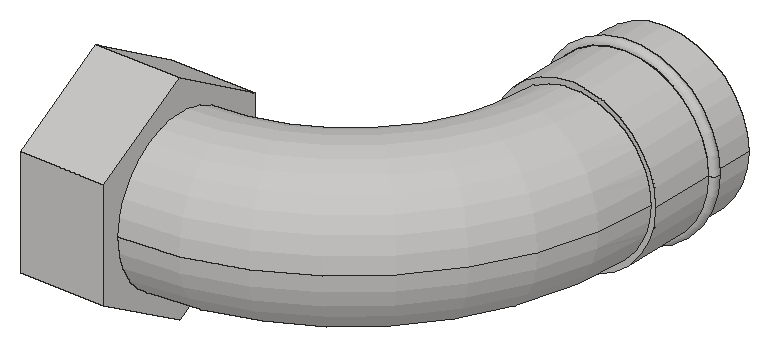
Revit family "Bend-90-FemaleThread-B-Inox-Conex-15-54mm-PS4002G", category Pipe Fittings, Revit 2019
Family settings
  Round Connector Dimension = Use Diameter
  Part Type = Elbow
  OmniClass Number = 23.60.30.11.14
  OmniClass Title = Pipework Fittings
  Work Plane-Based = No
  Always vertical = Yes
  Cut with Voids When Loaded = No
  Shared = No
Parameters (values of type "Standard")
  Z1 [instance] = size_lookup(Lookup Table Name, "Z1", NominalDiameter, NominalDiameter, RP, Angle)  # 81.00 mm
  Z [instance] = size_lookup(Lookup Table Name, "Z", NominalDiameter, NominalDiameter, RP, Angle)  # 79.00 mm
  Weight_KG/Ea [instance] = size_lookup(Lookup Table Name, "WT", 0, NominalDiameter, RP, Angle)  # 0.758
  Uniformat IIElements = "TBC"
  URL = "http://www.conexbanninger.com/search.php?brands_id=34"
  Type Comments = "TBC"
  TickSize [instance] = NominalDiameter  # 54.00 mm
  ThreadRadius [instance] = size_lookup(Lookup Table Name, "TR", NominalDiameter * 0.525, NominalDiameter, RP, Angle)  # 30.00 mm
  SerialNumber [instance] = ""
  SealRingLength [instance] = SocketDepth * 0.4  # 16.40 mm
  S [instance] = size_lookup(Lookup Table Name, "S", ThreadRadius * 2.125, NominalDiameter, RP, Angle)  # 67.00 mm
  RingThickness [instance] = if(NominalDiameter < 40.00 mm, 2.00 mm, 4.00 mm)  # 4.00 mm
  RingAlignment [instance] = Z + ((L - Z) * 0.5625)  # 102.063 mm
  RP [instance] = 50.80 mm
  ProductCode [instance] = if(and(NominalDiameter = 15.00 mm, RP = 12.70 mm, Angle = 90.00°), "PS 4002G 0150400", if(and(NominalDiameter = 18.00 mm, RP = 12.70 mm, Angle = 90.00°), "PS 4002G 0180400", if(and(NominalDiameter = 18.00 mm, RP = 19.05 mm, Angle = 90.00°), "PS 4002G 0180600", if(and(NominalDiameter = 22.00 mm, RP = 19.05 mm, Angle = 90.00°), "PS 4002G 0220600", if(and(NominalDiameter = 28.00 mm, RP = 25.40 mm, Angle = 90.00°), "PS 4002G 0280800", if(and(NominalDiameter = 35.00 mm, RP = 31.75 mm, Angle = 90.00°), "PS 4002G 0351000", if(and(NominalDiameter = 42.00 mm, RP = 31.75 mm, Angle = 90.00°), "PS 4002G 0421200", if(and(NominalDiameter = 54.00 mm, RP = 50.80 mm, Angle = 90.00°), "PS 4002G 0541600", "ProductCode NA"))))))))  # "PS 4002G 0541600"
  PolygonThickness [instance] = (L1 - Z1) * 1.15  # 29.90 mm
  OmniclassProducts = "TBC"
  NominalRadius [instance] = NominalDiameter / 2  # 27.00 mm
  NominalDiameter [instance] = 54.00 mm
  NATSPECWorkSection = "TBC"
  ModifiedIssue_ANZRS = 20161226.54  # constant formula
  Model Version = "2015"
  Model Status [instance] = ""
  Model Specification = "BMA"
  Model = "90° Bend with Female Thread"  # constant formula
  Material = Stainless Steel AISI 317
  Mark [instance] = ""
  Manufacturer = "Conex | Bänninger"  # constant formula
  Loss Method = K Coefficient from Table
  Lookup Table Name = "Bend-90-FemaleThread-B-Inox-Conex-15-54mm-PS4002G"
  SocketDepth [instance] = L - Z  # 41.00 mm
  L1 [instance] = size_lookup(Lookup Table Name, "L1", 1.5 * NominalDiameter, NominalDiameter, RP, Angle)  # 107.00 mm
  L [instance] = size_lookup(Lookup Table Name, "L", 1.5 * NominalDiameter, NominalDiameter, RP, Angle)  # 120.00 mm
  K Coefficient Table = "Regular 45, 90 and 180 Elbow"
  built-in parameter 1114238 [instance] = not(0.00 mm < size_lookup(Lookup Table Name, "L", 0.00 mm, NominalDiameter, RP, Angle))  # (empty or 0)
  FittingOutsideRadius [instance] = FittingOutsideDiameter / 2  # 29.70 mm
  FittingOutsideDiameter [instance] = NominalDiameter * 1.1  # 59.40 mm
  FittingAngle [instance] = Angle  # 90.00°
  FinalHHWFlow [instance] = 0.0 L/s
  ElbowDiameter [instance] = NominalDiameter * 1.025  # 55.35 mm
  Description = ">B< Press Inox is a quick and simple to install flame-free fitting, manufactured using high quality hygienic stainless steel materials, suitable for multiple applications."  # constant formula
  CustomFitting [instance] = not(0.00 mm < size_lookup(Lookup Table Name, "L", 0.00 mm, NominalDiameter, RP, Angle))  # no
  CreatedByURL_ANZRS = "http://www.bimmepaus.com.au/"
  CreatedBy = "A2K Technologies"  # constant formula
  ConnectorTolerance = 2.00°
  ConnectorAngle [instance] = 90.00°
  CenterRadius [instance] = Z  # 79.00 mm
  CenterEnd [instance] = CenterRadius * tan(FittingAngle / 2)  # 79.00 mm
  Assembly Code = "D2090800"
  Angle [instance] = if(and(ConnectorAngle < 45.00° + ConnectorTolerance, ConnectorAngle > 45.00° - ConnectorTolerance), 45.00°, if(and(ConnectorAngle < 90.00° + ConnectorTolerance, ConnectorAngle > 90.00° - ConnectorTolerance), 90.00°, if(and(ConnectorAngle < 5.00° + ConnectorTolerance, ConnectorAngle > 5.00° - ConnectorTolerance), 5.00°, if(and(ConnectorAngle < 15.00° + ConnectorTolerance, ConnectorAngle > 15.00° - ConnectorTolerance), 15.00°, if(and(ConnectorAngle < 30.00° + ConnectorTolerance, ConnectorAngle > 30.00° - ConnectorTolerance), 30.00°, if(and(ConnectorAngle < 60.00° + ConnectorTolerance, ConnectorAngle > 60.00° - ConnectorTolerance), 60.00°, ConnectorAngle))))))  # 90.00°
  2DLineLength [instance] = L - SocketDepth  # 79.00 mm
Reference planes
  plane 1 "Center (Front/Back)": y = 0
  plane 2: z = 0
  plane 3 "Center (Left/Right)": x = 0
  plane 4: x = -107
  plane 5: x = -81
  plane 6 "PT": x = -77.1
Forms (mm)
  Sweep 1, solid, material "Stainless Steel AISI 317" <- "Material", detail levels fine
    path origin (0, 0, 0) x (1, 0, 0) y (0, 1, 0)
      loop
        line (0, 120) -> (0, 79)
    profile origin (0, 99.5, 0) x (1, 0, 0) y (0, 0, 1)
      loop
        circle (0, 0) r 29.7
  Extrusion 2, solid, material "Stainless Steel AISI 317" <- "Material", detail levels fine
    sketch origin (0, 0, 0) x (0, 1, 0) y (0, 0, 1)
      loop
        circle (0, 0) r 30
    from -107 to -81
  Sweep 3, solid, material "Stainless Steel AISI 317" <- "Material", detail levels fine
    path origin (0, 0, 0) x (1, 0, 0) y (0, 1, 0)
      loop
        line (0, 120) -> (0, 79)
        arc (0, 79) -> (-23.139, 23.139) -> (-79, 0) r 79
        line (-79, 0) -> (-107, 0)
    profile origin (-23.139, 23.139, 0) x (0.707107, -0.707107, 0) y (0, 0, 1)
      loop
        circle (0, 0) r 27.675
  Revolve 4, solid, material "Stainless Steel AISI 317" <- "Material", detail levels fine
    sketch origin (0, 0, 0) x (1, 0, 0) y (0, 1, 0)
      loop
        line (0, 102.062) -> (0, 106.062) -> (-29.7, 106.063)
        arc (-29.7, 106.063) -> (-31.7, 104.062) -> (-29.7, 102.063) r 2
        line (-29.7, 102.063) -> (0, 102.062)
      axis (0, 102.062) -> (0, 106.062)
    angle from 0 to 360
  Extrusion 5, solid, material "Stainless Steel AISI 317" <- "Material", detail levels fine
    sketch origin (0, 0, 0) x (0, 1, 0) y (0, 0, 1)
      loop
        line (0, 38.682) -> (-33.5, 19.341) -> (-33.5, -19.341) -> (0, -38.682) -> (33.5, -19.341) -> (33.5, 19.341) -> (0, 38.682)
    from -107 to -77.1
Cuts and joins
  joined: Sweep 1, Extrusion 2, Sweep 3, Extrusion 5
Lines and regions (mm)
  model lines, detail levels coarse+medium
    curve 1: line (-81, 0, 0) -> (0, 0, 0)
    curve 2: line (-81, 27, 0) -> (-81, -27, 0)
    curve 3: line (0, 0, 0) -> (0, 79, 0)
    curve 4: line (-27, 79, 0) -> (27, 79, 0)
    curve 5: line (27, 79, 0) -> (27, 120, 0)
    curve 6: line (-27, 79, 0) -> (-27, 120, 0)
    curve 7: line (-81, 27, 0) -> (-107, 27, 0)
    curve 8: line (-81, -27, 0) -> (-107, -27, 0)
Dimensions and locks
  "L1": plane 4 to plane 3 "Center (Left/Right)"
  locked: profile plane to Sweep 1 sketch curve at 0
  locked: profile plane to Sweep 1 sketch curve
  locked: plane 1 "Center (Front/Back)" to Extrusion 2 sketch curve
  locked: plane 2 to Extrusion 2 sketch curve
  "SocketDepth": Sweep 1 sketch curve to Sweep 1 sketch curve
  "CenterEnd": Sweep 3 sketch curve to plane 3 "Center (Left/Right)"
  "CenterRadius": plane 1 "Center (Front/Back)" to Sweep 3 sketch curve
  locked: plane 3 "Center (Left/Right)" to Sweep 3 sketch curve at 0
  plane 3 "Center (Left/Right)" to Sweep 3 sketch curve = 120.00 mm
  "L": curve 1 to Sweep 3 sketch curve
  locked: plane 3 "Center (Left/Right)" to Sweep 1 sketch curve
  "L": plane 3 "Center (Left/Right)" to Sweep 1 sketch curve
  "2DLineLength": curve 1 to curve 4
  locked: curve 1 to curve 3
  equal spacing: curve 5, curve 3, curve 6
  "SocketDepth": curve 6 to curve 6
  "SocketDepth": curve 5 to curve 5
  "TickSize": curve 5 to curve 6
  "RingThickness": Revolve 4 sketch curve to Revolve 4 sketch curve
  "FittingOutsideRadius": Revolve 4 sketch curve to Revolve 4 sketch curve  (x3)
  locked: curve 1 to Revolve 4 sketch curve
  locked: Revolve 4 sketch curve to curve 1 at 0
  "RingAlignment": Revolve 4 sketch curve to curve 3
  "Z1": plane 5 to plane 3 "Center (Left/Right)"
  "PolygonThickness": plane 4 to plane 6 "PT"
  equal spacing: Extrusion 5 sketch curve, plane 2, Extrusion 5 sketch curve
  equal spacing: Extrusion 5 sketch curve, plane 1 "Center (Front/Back)", Extrusion 5 sketch curve  (x2)
  "S": Extrusion 5 sketch curve to Extrusion 5 sketch curve  (x3)
  equal spacing: curve 2, plane 1 "Center (Front/Back)", curve 2
  "NominalDiameter": curve 2 to curve 2
  locked: connector elem to plane 1 "Center (Front/Back)" at 0
  locked: connector elem to plane 2
  "FittingOutsideRadius": radius of Sweep 1 sketch curve
  "ThreadRadius": radius of Extrusion 2 sketch curve
  "CenterRadius": radius of Sweep 3 sketch curve
  "ElbowDiameter": diameter of Sweep 3 sketch curve
  "ConnectorAngle": angle plane 1 "Center (Front/Back)" to Sweep 1 sketch curve
  "ConnectorAngle": angle Sweep 3 sketch curve to Sweep 3 sketch curve
  "ConnectorAngle": angle plane 1 "Center (Front/Back)" to Sweep 3 sketch curve
  "ConnectorAngle": angle plane 1 "Center (Front/Back)" to curve 3
  locked: curve 3 to curve 4 (angle 90.00°)
  "ConnectorAngle": angle plane 1 "Center (Front/Back)" to curve 5
  "ConnectorAngle": angle plane 1 "Center (Front/Back)" to curve 6
  "ConnectorAngle": angle plane 1 "Center (Front/Back)" to Revolve 4 sketch curve  (x2)
  locked: Revolve 4 sketch curve to Revolve 4 sketch curve (angle 90.00°)  (x2)
  locked: Extrusion 5 sketch curve to Extrusion 5 sketch curve (angle 120.00°)  (x5)
  aligned and locked: level to plane 2
  aligned and locked: plane 1 "Center (Front/Back)" to curve 1
  aligned and locked: Extrusion 2 to plane 4
  aligned and locked: plane 5 to Extrusion 2
  aligned and locked: level to Sweep 3 sketch curve
  aligned and locked: plane 4 to Sweep 3 sketch curve
  aligned and locked: plane 6 "PT" to Extrusion 5
  aligned and locked: cut or joined group of Sweep 1, Extrusion 2, Sweep 3, Extrusion 5 to plane 4
  aligned and locked: curve 2 to plane 5
  aligned and locked: plane 4 to curve 8
  aligned and locked: plane 4 to curve 7
Automatic sketch dimensions
  plane 1 "Center (Front/Back)" to curve 3 = 0.00 mm
  Sweep 3 sketch curve to profile plane = 0.00 mm
  Revolve 4 sketch curve to plane 1 "Center (Front/Back)" = 6.057 mm
Connectors
  piping at (0, 79, 0), diameter 54, driven by "NominalDiameter", driven by "ConnectorAngle"
    settings: on Sweep 1, index 2, connector inside diameter 609.6 mm, connector length 0.00 mm, flow factor 0, pipe flow 0.0 L/s, pressure drop 0.0 Pa, fitting loss kfactor 0, connector angle 90.00°, fixture units 0, engagement length 0.00 mm, angle of deflection 0.00°, flow configuration 0, flow direction 0, fitting loss method 0, system type 28, joint type 0, gender type 0, connector reference index 3, connector utility 0, adjustable connector yes, is connector primary no, connector description ""
  piping at (-81, 0, 0), diameter 50.8, driven by "RP", driven by "ConnectorAngle"
    settings: on plane 5, index 3, connector inside diameter 609.6 mm, connector length 0.00 mm, flow factor 0, pipe flow 0.0 L/s, pressure drop 0.0 Pa, fitting loss kfactor 0, connector angle 90.00°, fixture units 0, engagement length 0.00 mm, angle of deflection 0.00°, flow configuration 0, flow direction 0, fitting loss method 0, system type 28, joint type 0, gender type 0, connector reference index 2, connector utility 0, adjustable connector no, is connector primary yes, connector description ""
